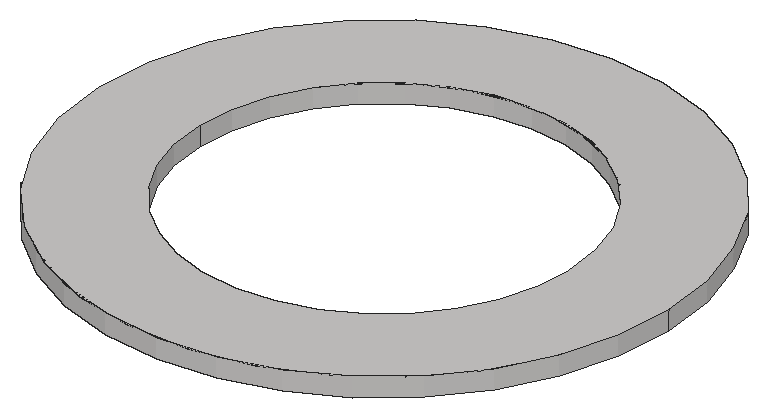
Revit family "2001", category Generic Models, Revit 2012
Parameters (values of type "Standard")
  e-mail = "info@vola.com"
  URL = "http://vola.com"
  Telephone = "+45 7023 5500"
  Quality management standard = "ISO 9001"
  Organisation no. / DUNS no. = "17531328"
  Occupational health and safety management standard = "ISO 18001"
  Mounting Instructions = "http://vola.com/service/producturl.ashx?name=2001"
  Model = "2001"
  Materials and components information = "http://vola.com/service/producturl.ashx?name=2001"
  Manufacturer = "VOLA A/S"
  Maintenance Instructions = "http://vola.com/service/producturl.ashx?name=2001"
  Guarantee = "2 years"
  Environmental management standard = "ISO 14000"
  Connection - All relevant connections = ""
  Approvals = "http://vola.com/service/producturl.ashx?name=2001"
Reference planes
  plane 1 "Center (Front/Back)": y = 0
  plane 2: z = 0
  plane 3 "Center (Left/Right)": x = 0
Forms (mm)
  Extrusion 1, solid, material "Stainless Steel"
    sketch origin (0, 0, 0) x (1, 0, 0) y (0, 1, 0)
      loop
        circle (0, 0) r 19.5
      loop
        circle (0, 0) r 30
    from 0 to 2
Dimensions and locks
  aligned and locked: plane 2 to level
